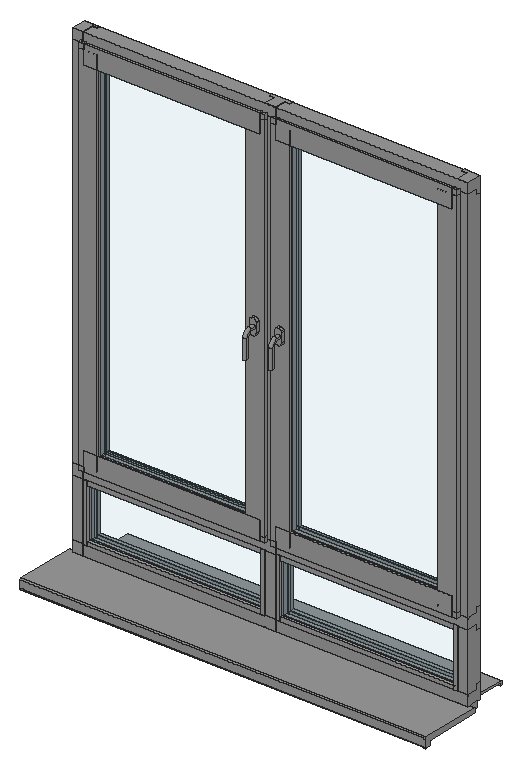
Revit family "deceuninck_okonniy_blok_dvustvorchatiy_s_nijnimi_framugami", category Окна, Revit 2016
Family settings
  Основа = Стена
  Номер OmniClass = 23.30.20.00
  Заголовок OmniClass = Windows
  Всегда вертикально = Да
  При загрузке вырезать с полостями = Нет
  Общий = Нет
  Точка расчета площади = Нет
Parameters (values of type "Энвин ЭКО-60")
  Ширина профиля = 60 mm
  Ширина проема [instance] = ADSK_Ширина рамы + Монтажный зазор.Левый + Монтажный зазор.Правый  # 1640 mm
  Шир прав створка [instance] = if(Одинаковые створки, ADSK_Ширина рамы / 2, Створка правая.Ширина)  # 800 mm
  Четверть.Ширина [instance] = 65 mm
  Четверть.Правая [instance] = if(and(Четверть правая.Видимость, Четверть), Четверть.Ширина, 0 mm)  # 65 mm
  Четверть.Левая [instance] = if(and(Четверть левая.Видимость, Четверть), Четверть.Ширина, 0 mm)  # 65 mm
  Четверть.Глубина [instance] = 120 mm
  Четверть.Высота [instance] = 65 mm
  Четверть правая.Видимость [instance] = yes
  Четверть левая.Видимость [instance] = yes
  Четверть.Врхняя [instance] = if(Четверть, Четверть.Высота, 0 mm)  # 65 mm
  Четверть [instance] = yes
  Цвет профиля = ""
  Фрамуга нижняя.Высота [instance] = ADSK_Высота рамы - Высота створки  # 300 mm
  Формула стеклопакета = ""
  Толщина стеклопакета = "32"
  Стеклопакет.Толщина = 32 mm
  Створка правая.Ширина [instance] = 800 mm
  Створка правая [instance] = stvorka : Поворотная право
  Створка левая.Ширина [instance] = ADSK_Ширина рамы - Шир прав створка  # 800 mm
  Створка левая [instance] = stvorka : Поворотная лево
  Система фурнитуры [instance] = ""
  Расчетное значение ветровой нагрузки [instance] = 400
  Рама.Окно.Ширина [instance] = 1600 mm
  Рама.Окно.Высота [instance] = 1900 mm
  Профильная система = "Энвин ЭКО 60"
  Проем.Окно.Ширина [instance] = 1640 mm
  Проем.Окно.Высота [instance] = 1955 mm
  Приточный клапан [instance] = no
  Watermarked By = ""
  Rough Width = 0 mm  # constant formula
  Rough Height = 0 mm  # constant formula
  Подоконник.Глубина [instance] = 0 mm
  Подоконник. Видимость [instance] = yes
  Подоконник [instance] = podokonnik : ПВХ 250
  Площаль элемента [instance] = ADSK_Ширина рамы * ADSK_Высота рамы / 1000000 mm  # 3.04 mm
  Отлив.Свес [instance] = 35 mm
  Отлив.Видимость [instance] = yes
  Откосы.Глубина [instance] = 310 mm
  Одинаковые створки [instance] = no
  Огнестойкость = "Е-15"
  Наименование = "Окно 2-створчатое с нижними фрамугами Энвин ЭКО-60"
  Монтажный зазор.Спереди [instance] = 10 mm
  Монтажный зазор.Правый [instance] = if(Четверть правая.Видимость, Монтажный зазор.Боковой, 0 mm)  # 20 mm
  Монтажный зазор.Низ [instance] = 10 mm
  Монтажный зазор.Левый [instance] = if(Четверть левая.Видимость, Монтажный зазор.Боковой, 0 mm)  # 20 mm
  Монтажный зазор.Верх [instance] = 20 mm
  Монтажный зазор.Боковой = 20 mm
  Материал-Стеклопакет = none
  Материал-Рама = none
  Материал-Подоконник = ПВХ, белый
  Материал-Отлив = Лист оцинкованый, белый
  Класс профиля = "Тип В"
  Завод-изготовитель [instance] = "ООО Декёнинк Рус, Россия"  # constant formula
  ГОСТ = "ГОСТ 30673-2013"
  Высота створки [instance] = 1600 mm
  Высота профиля створки = 76 mm
  Высота профиля рамы = 62 mm
  Высота профиля имоста = 82 mm
  Высота проема [instance] = ADSK_Высота рамы + 25 mm + Монтажный зазор.Верх + Монтажный зазор.Низ  # 1955 mm
  Height = 0 mm  # constant formula
  Высота подоконника по умолчанию = 800 mm
  Замыкание стены = По основе
  Width = 0 mm  # constant formula
  Артикул створки/армирование рстворки = "ZE 60D  /  AR1"
  Артикул рамы/армирование рамы = "LE 60D  /  AR1"
  Артикул импоста/армирование импоста = "TE 60D  /  20 x 35"
  Аналитическая конструкция = "<Нет>"
  λ краевой зоны стеклопакета = 0.0600 (m²·K)/W
  Rстеклопакета = 0.7600 (m²·K)/W
  Rпрофиля = 0.6800 (m²·K)/W
  Rпривед [instance] = 1 / (((Ширина профиля / 1000 mm) * (5.4 - 4 * (Ширина профиля / 1000 mm)) / (1.8 * Rпрофиля / Rед)) + ((1.2 - 2 * (Ширина профиля / 1000 mm)) * (1.5 - 2 * (Ширина профиля / 1000 mm)) / (1.8 * Rстеклопакета / Rед)) + (5.4 - 8 * (Ширина профиля / 1000 mm)) * (λ краевой зоны стеклопакета / Rед))  # 0.61064
  Rед = 1.0000 (m²·K)/W
  Iфактич [instance] = ""
  Iтреб [instance] = (((Расчетное значение ветровой нагрузки / 1000000) * ((ADSK_Высота рамы / 10) ^ 4) * (Шир прав створка / 20)) / (1 mm * 1920 mm * 210000 mm * (ADSK_Высота рамы / 3000)) * (25 - (40 * ((Шир прав створка / 20) / ADSK_Высота рамы) ^ 2) + (16 * ((Шир прав створка / 20) / ADSK_Высота рамы) ^ 4))) + (((Расчетное значение ветровой нагрузки / 1000000) * ((ADSK_Высота рамы / 10) ^ 4) * (Створка левая.Ширина / 20)) / (1 mm * 1920 mm * 210000 mm * (ADSK_Высота рамы / 3000)) * (25 - (40 * ((Створка левая.Ширина / 20) / ADSK_Высота рамы) ^ 2) + (16 * ((Створка левая.Ширина / 20) / ADSK_Высота рамы) ^ 4)))  # 4.08 mm
  ADSK_Ширина рамы [instance] = 1600 mm
  ADSK_Позиция [instance] = ""
  ADSK_Высота рамы [instance] = 1900 mm
Reference planes
  plane 1 "По центру (Вперед/Назад)": y = 0
  plane 2 "По центру (Влево/Вправо)": x = 0
  plane 3 "Подоконник": z = 800
  plane 4 "Наружный": y = 250
  plane 5 "Внутренние": y = -250
  plane 6: x = -820
  plane 7: x = 820
  plane 8: x = -755
  plane 9: x = 755
  plane 10: y = 130
  plane 11: z = 2700
  plane 12: x = -800
  plane 13: x = 800
  plane 14: z = 775
  plane 15: z = 2720
  plane 16: z = 765
  plane 17: z = 2655
  plane 18: y = 120
  plane 19: y = 60
  plane 20: x = -738
  plane 21: x = 738
  plane 22: z = 2638
  plane 23: z = 862
  plane 24: x = 0
  plane 25: x = -41
  plane 26: x = 41
  plane 27: y = 107
  plane 28: y = 70
  plane 29: y = 450
  plane 30: z = 1100
Forms (mm)
  Extrusion 1, void
    sketch origin (0, -250, 0) x (1, 0, 0) y (0, 0, 1)
      loop
        line (-820, 2720) -> (-820, 765) -> (820, 765) -> (820, 2720) -> (-820, 2720)
    from 0 to -380
  Extrusion 2, void
    sketch origin (-2200.521, 130, 1000) x (1, 0, 0) y (0, 0, 1)
      loop
        line (1445.521, 1655) -> (1445.521, -235) -> (2955.521, -235) -> (2955.521, 1655) -> (1445.521, 1655)
    from 0 to -320
  Extrusion 3, solid, material <- "Материал-Рама", detail levels fine
    sketch origin (0, 0, 800) x (0, -1, 0) y (-1, 0, 0)
      loop
        line (-120, 800) -> (-120, 738) -> (-107, 738) -> (-107, 758) -> (-60, 758) -> (-60, 800) -> (-120, 800)
      loop
        line (-120, -738) -> (-120, -800) -> (-60, -800) -> (-60, -758) -> (-107, -758) -> (-107, -738) -> (-120, -738)
    from 0 to -1900
  Extrusion 4, solid, material <- "Материал-Рама", detail levels fine
    sketch origin (-750, 0, 0) x (0, -1, 0) y (0, 0, 1)
      loop
        line (-60, 800) -> (-60, 842) -> (-107, 842) -> (-107, 862) -> (-120, 862) -> (-120, 800) -> (-60, 800)
      loop
        line (-60, 2658) -> (-60, 2700) -> (-120, 2700) -> (-120, 2638) -> (-107, 2638) -> (-107, 2658) -> (-60, 2658)
    from 50 to -1550
  Extrusion 5, solid, material <- "Материал-Рама", detail levels fine
    sketch origin (0, 0, 800) x (0, -1, 0) y (-1, 0, 0)
      loop
        line (-120, 41) -> (-120, -41) -> (-107, -41) -> (-107, -21) -> (-60, -21) -> (-60, 21) -> (-107, 21) -> (-107, 41) -> (-120, 41)
    from 0 to -1900
  Extrusion 6, solid, material <- "Материал-Рама"
    sketch origin (-233.865, 107, 2257) x (0, 0, 1) y (-1, 0, 0)
      loop
        line (-1457, 566.135) -> (-1482, 566.135) -> (-1482, -1033.865) -> (-1457, -1033.865) -> (-1457, 566.135)
    from 0 to 37
  Extrusion 7, solid, material "Лист оцинкованый, белый" <- "Материал-Отлив", visible <- "Отлив.Видимость", detail levels fine
    sketch origin (755, 531.754, 1000) x (0, 1, 0) y (0, 0, 1)
      loop
        line (-424.754, -225) -> (-251.754, -225) -> (-251.754, -235) -> (-246.754, -235) -> (-246.754, -220) -> (-424.754, -215) -> (-424.754, -225)
    from 0 to -1510
  Extrusion 8, solid, detail levels medium
    sketch origin (0, 0, 800) x (0, -1, 0) y (-1, 0, 0)
      loop
        line (-120, 800) -> (-120, 738) -> (-60, 738) -> (-60, 800) -> (-120, 800)
      loop
        line (-120, -800) -> (-60, -800) -> (-60, -738) -> (-120, -738) -> (-120, -800)
    from 0 to -1900
  Extrusion 9, solid, detail levels medium
    sketch origin (-750, 0, 0) x (0, -1, 0) y (0, 0, 1)
      loop
        line (-120, 2700) -> (-120, 2638) -> (-60, 2638) -> (-60, 2700) -> (-120, 2700)
      loop
        line (-60, 800) -> (-60, 862) -> (-120, 862) -> (-120, 800) -> (-60, 800)
    from -1550 to 50
  Extrusion 10, solid, detail levels coarse
    sketch origin (0, 0, 800) x (0, -1, 0) y (-1, 0, 0)
      loop
        line (-120, 800) -> (-120, 689) -> (-47, 689) -> (-47, 800) -> (-120, 800)
      loop
        line (-120, -800) -> (-47, -800) -> (-47, -689) -> (-120, -689) -> (-120, -800)
      loop
        line (-47, 90) -> (-120, 90) -> (-120, -90) -> (-47, -90) -> (-47, 90)
    from 0 to -1900
  Extrusion 11, solid, detail levels coarse
    sketch origin (-750, 0, 0) x (0, -1, 0) y (0, 0, 1)
      loop
        line (-120, 2590) -> (-47, 2590) -> (-47, 2700) -> (-120, 2700) -> (-120, 2590)
      loop
        line (-47, 800) -> (-47, 910) -> (-120, 910) -> (-120, 800) -> (-47, 800)
      loop
        line (-120, 1011) -> (-47, 1011) -> (-47, 1190) -> (-120, 1190) -> (-120, 1011)
    from -1550 to 50
  Extrusion 12, solid, detail levels medium
    sketch origin (0, 0, 800) x (0, -1, 0) y (-1, 0, 0)
      loop
        line (-120, 21) -> (-120, -21) -> (-60, -21) -> (-60, 21) -> (-120, 21)
    from 0 to -1900
  Extrusion 13, solid, detail levels fine
    sketch origin (-750, 0, 0) x (0, -1, 0) y (0, 0, 1)
      loop
        line (-60, 1079) -> (-60, 1121) -> (-107, 1121) -> (-107, 1141) -> (-120, 1141) -> (-120, 1059) -> (-107, 1059) -> (-107, 1079) -> (-60, 1079)
    from -1550 to 50
  Extrusion 14, solid, detail levels medium
    sketch origin (-750, 0, 0) x (0, -1, 0) y (0, 0, 1)
      loop
        line (-60, 1121) -> (-120, 1121) -> (-120, 1079) -> (-60, 1079) -> (-60, 1121)
    from -1550 to 50
Lines and regions (mm)
  symbolic lines, style "Windows"
    curve 1: line (-800, 130, 0) -> (800, 130, 0)
Text (mm)
  text "Наружный" at (0, 923.751, 2943.296), in view "Справа"
  text "Наружный" at (0, 1040.484, 2685.409), in view "Слева"
Dimensions and locks
  "Высота подоконника по умолчанию": plane 3 "Подоконник" to level
  locked: plane 4 "Наружный" to host wall at 0
  locked: plane 5 "Внутренние" to host wall
  "Четверть.Глубина": plane 10 to plane 4 "Наружный"
  "ADSK_Высота рамы": plane 11 to plane 3 "Подоконник"
  "Монтажный зазор.Верх": plane 15 to plane 11
  locked: plane 3 "Подоконник" to plane 14 at 25
  "Монтажный зазор.Низ": plane 14 to plane 16
  "Четверть.Врхняя": plane 15 to plane 17
  equal spacing: plane 13, plane 2 "По центру (Влево/Вправо)", plane 12
  "ADSK_Ширина рамы": plane 13 to plane 12
  "Четверть.Левая": plane 8 to plane 6
  "Четверть.Правая": plane 7 to plane 9
  "Монтажный зазор.Левый": plane 12 to plane 6
  "Монтажный зазор.Правый": plane 13 to plane 7
  "Монтажный зазор.Спереди": plane 10 to plane 18
  "Ширина профиля": plane 18 to plane 19
  "Высота профиля рамы": plane 12 to plane 20
  locked: Extrusion 3 sketch curve to Extrusion 3 sketch curve at 13  (x2)
  locked: Extrusion 3 sketch curve to Extrusion 3 sketch curve at 20  (x2)
  "Высота профиля рамы": plane 21 to plane 13
  "Высота профиля рамы": plane 11 to plane 22
  "Высота профиля рамы": plane 3 "Подоконник" to plane 23
  locked: Extrusion 4 sketch curve to Extrusion 4 sketch curve at 13  (x2)
  locked: Extrusion 4 sketch curve to Extrusion 4 sketch curve at 20  (x2)
  "Шир прав створка": plane 13 to plane 24
  equal spacing: plane 25, plane 24, plane 26
  "Высота профиля имоста": plane 25 to plane 26
  locked: Extrusion 5 sketch curve to plane 26 at 20
  locked: plane 25 to Extrusion 5 sketch curve at 20
  locked: plane 18 to plane 27 at 13
  locked: plane 28 to plane 19 at 10
  locked: Extrusion 7 sketch curve to Extrusion 7 sketch curve at 5  (x2)
  locked: Extrusion 7 sketch curve to Extrusion 7 sketch curve at 10
  "Отлив.Свес": Extrusion 7 to plane 4 "Наружный"
  locked: plane 4 "Наружный" to plane 29 at 200
  "Откосы.Глубина": plane 19 to plane 5 "Внутренние"
  locked: Extrusion 13 sketch curve to Extrusion 13 sketch curve at 20  (x2)
  "Высота профиля имоста": Extrusion 13 sketch curve to Extrusion 13 sketch curve
  equal spacing: Extrusion 13 sketch curve, plane 30, Extrusion 13 sketch curve
  "Высота створки": plane 11 to plane 30
  "Проем.Окно.Высота": plane 15 to plane 16
  "Рама.Окно.Высота": plane 11 to plane 3 "Подоконник"
  "Проем.Окно.Ширина": plane 7 to plane 6
  "Рама.Окно.Ширина": plane 12 to plane 13
  aligned and locked: Extrusion 1 sketch curve to plane 15
  aligned and locked: Extrusion 1 sketch curve to plane 6
  aligned and locked: Extrusion 1 sketch curve to plane 7
  aligned and locked: Extrusion 1 sketch curve to plane 16
  aligned and locked: plane 10 to Extrusion 1
  aligned and locked: Extrusion 2 sketch curve to plane 17
  aligned and locked: Extrusion 2 sketch curve to plane 8
  aligned and locked: Extrusion 2 sketch curve to plane 9
  aligned and locked: Extrusion 2 sketch curve to plane 16
  aligned and locked: Extrusion 3 sketch curve to plane 18
  aligned and locked: Extrusion 3 sketch curve to plane 19
  aligned and locked: Extrusion 3 sketch curve to plane 20
  aligned and locked: Extrusion 3 sketch curve to plane 12
  aligned and locked: plane 18 to Extrusion 3 sketch curve
  aligned and locked: plane 19 to Extrusion 3 sketch curve
  aligned and locked: Extrusion 3 sketch curve to plane 13
  aligned and locked: Extrusion 3 sketch curve to plane 21
  aligned and locked: plane 11 to Extrusion 3
  aligned and locked: Extrusion 4 sketch curve to plane 19  (x2)
  aligned and locked: Extrusion 4 sketch curve to plane 18  (x2)
  aligned and locked: Extrusion 4 sketch curve to plane 23
  aligned and locked: Extrusion 4 sketch curve to plane 3 "Подоконник"
  aligned and locked: Extrusion 4 sketch curve to plane 22
  aligned and locked: Extrusion 4 sketch curve to plane 11
  aligned and locked: Extrusion 4 to plane 13
  aligned and locked: Extrusion 4 to plane 12
  aligned and locked: Extrusion 5 sketch curve to plane 18
  aligned and locked: Extrusion 5 sketch curve to plane 19
  aligned and locked: plane 11 to Extrusion 5
  aligned and locked: Extrusion 6 sketch curve to plane 12
  aligned and locked: Extrusion 6 sketch curve to plane 3 "Подоконник"
  aligned and locked: Extrusion 6 sketch curve to plane 14
  aligned and locked: plane 13 to Extrusion 6 sketch curve
  aligned and locked: plane 28 to Extrusion 6
  aligned and locked: nested 1 to plane 3 "Подоконник"
  aligned and locked: plane 28 to nested 1
  aligned and locked: nested 1 to plane 2 "По центру (Влево/Вправо)"
  aligned and locked: plane 14 to Extrusion 7 sketch curve
  aligned and locked: Extrusion 7 to plane 8
  aligned and locked: plane 27 to Extrusion 7 sketch curve
  aligned and locked: plane 29 to Extrusion 2
  aligned and locked: curve 1 to plane 10
  aligned and locked: plane 11 to Extrusion 8
  aligned and locked: Extrusion 9 sketch curve to plane 11
  aligned and locked: Extrusion 9 sketch curve to plane 22
  aligned and locked: Extrusion 9 sketch curve to plane 19  (x2)
  aligned and locked: Extrusion 9 sketch curve to plane 18  (x2)
  aligned and locked: Extrusion 9 sketch curve to plane 3 "Подоконник"
  aligned and locked: Extrusion 9 sketch curve to plane 23
  aligned and locked: Extrusion 9 to plane 13
  aligned and locked: Extrusion 8 sketch curve to plane 20
  aligned and locked: Extrusion 8 sketch curve to plane 19  (x2)
  aligned and locked: Extrusion 8 sketch curve to plane 12
  aligned and locked: plane 13 to Extrusion 8 sketch curve
  aligned and locked: plane 21 to Extrusion 8 sketch curve
  aligned and locked: Extrusion 10 sketch curve to plane 12
  aligned and locked: Extrusion 10 sketch curve to plane 18  (x2)
  aligned and locked: plane 13 to Extrusion 10 sketch curve
  aligned and locked: plane 11 to Extrusion 10
  aligned and locked: plane 18 to Extrusion 10 sketch curve
  aligned and locked: Extrusion 11 sketch curve to plane 18  (x2)
  aligned and locked: Extrusion 10 to Extrusion 11 sketch curve  (x2)
  aligned and locked: Extrusion 11 sketch curve to plane 11
  aligned and locked: Extrusion 11 sketch curve to plane 3 "Подоконник"
  aligned and locked: Extrusion 11 to plane 13
  aligned and locked: Extrusion 8 sketch curve to plane 18  (x2)
  aligned and locked: Extrusion 12 sketch curve to Extrusion 5  (x3)
  aligned and locked: Extrusion 10 to Extrusion 12 sketch curve
  aligned and locked: plane 11 to Extrusion 12
  aligned and locked: Extrusion 11 to plane 12
  aligned and locked: Extrusion 9 to plane 12
  aligned and locked: Extrusion 13 to plane 13
  aligned and locked: Extrusion 13 to plane 12
  aligned and locked: Extrusion 14 to plane 12
  aligned and locked: Extrusion 14 to plane 13
  aligned and locked: nested 2 to Extrusion 4
  aligned and locked: plane 27 to nested 2
  aligned and locked: nested 2 to Extrusion 13
  aligned and locked: nested 2 to Extrusion 11 sketch curve
  aligned and locked: Extrusion 11 sketch curve to nested 2
  aligned and locked: Extrusion 14 sketch curve to Extrusion 13  (x3)
  aligned and locked: Extrusion 13 to Extrusion 14 sketch curve
  aligned and locked: Extrusion 3 to nested 2
  aligned and locked: nested 2 to Extrusion 12
  aligned and locked: nested 3 to Extrusion 13
  aligned and locked: nested 3 to Extrusion 4
  aligned and locked: plane 27 to nested 3
  aligned and locked: nested 3 to Extrusion 3
  aligned and locked: Extrusion 12 to nested 3
  aligned and locked: nested 4 to Extrusion 13
  aligned and locked: plane 27 to nested 4
  aligned and locked: nested 4 to Extrusion 3
  aligned and locked: Extrusion 12 to nested 4
  aligned and locked: nested 5 to Extrusion 13
  aligned and locked: plane 27 to nested 5
  aligned and locked: Extrusion 3 to nested 5
  aligned and locked: nested 5 to Extrusion 12
  aligned and locked: nested 4 to Extrusion 4
  aligned and locked: nested 5 to Extrusion 4
  aligned and locked: Extrusion 11 sketch curve to nested 5
Automatic sketch dimensions
  host wall to Extrusion 7 sketch curve = 30 mm
  Extrusion 7 sketch curve to Extrusion 7 sketch curve = 10 mm
  Extrusion 5 sketch curve to plane 26 = 0 mm
  plane 27 to Extrusion 5 sketch curve = 0 mm  (x2)
  Extrusion 5 sketch curve to plane 25 = 0 mm
  curve 1 to plane 12 = 0 mm
  curve 1 to plane 13 = 0 mm
  Extrusion 11 sketch curve to plane 19 = 13 mm  (x2)
  Extrusion 10 sketch curve to plane 19 = 13 mm  (x3)
  plane 20 to Extrusion 10 sketch curve = 49 mm
  Extrusion 10 sketch curve to plane 25 = 49 mm
  plane 30 to Extrusion 11 sketch curve = 90 mm
  plane 26 to Extrusion 10 sketch curve = 49 mm
  plane 21 to Extrusion 10 sketch curve = 49 mm
  Extrusion 13 sketch curve to plane 18 = 0 mm
  Extrusion 13 sketch curve to plane 27 = 0 mm  (x2)
  Extrusion 13 sketch curve to plane 19 = 0 mm
  Extrusion 13 sketch curve to plane 30 = 41 mm
Nested families
  nested 1: "podokonnik" at (0, 70, 800), Материал-Подоконник <- "Материал-Подоконник", Длина подоконника <- "Ширина проема", type <- "Подоконник", visible <- "Подоконник. Видимость", type "ПВХ 250", detail levels fine
    with Материал-Подоконник ПВХ, белый, Длина подоконника 1640 mm
  nested 2: "stvorka" at (-389.5, 107, 842), Профиль.Ширина <- "Ширина профиля", Стеклопакет.Толщина <- "Стеклопакет.Толщина", Профиль.Высота <- "Высота профиля створки", type "Глухая"
    with Стеклопакет.Толщина 32 mm, Створка.Ширина 737 mm, Створка.Высота 237 mm, Ручка.Расстояние от низа створки 118.5 mm, Профиль.Ширина 60 mm, Профиль.Высота 76 mm, Материал.Профиль none
  nested 3: "stvorka" at (389.5, 107, 842), Профиль.Ширина <- "Ширина профиля", Стеклопакет.Толщина <- "Стеклопакет.Толщина", Профиль.Высота <- "Высота профиля створки", type "Глухая"
    with Стеклопакет.Толщина 32 mm, Створка.Ширина 737 mm, Створка.Высота 237 mm, Ручка.Расстояние от низа створки 118.5 mm, Профиль.Ширина 60 mm, Профиль.Высота 76 mm, Материал.Профиль none
  nested 4: "stvorka" at (389.5, 107, 1121), Профиль.Ширина <- "Ширина профиля", Стеклопакет.Толщина <- "Стеклопакет.Толщина", type <- "Створка правая", Профиль.Высота <- "Высота профиля створки", type "Поворотная право"
    with Стеклопакет.Толщина 32 mm, Створка.Ширина 737 mm, Створка.Высота 1537 mm, Ручка.Расстояние от низа створки 768.5 mm, Профиль.Ширина 60 mm, Профиль.Высота 76 mm, Материал.Профиль none
  nested 5: "stvorka" at (-389.5, 107, 1121), Профиль.Ширина <- "Ширина профиля", Стеклопакет.Толщина <- "Стеклопакет.Толщина", type <- "Створка левая", Профиль.Высота <- "Высота профиля створки", type "Поворотная лево"
    with Стеклопакет.Толщина 32 mm, Створка.Ширина 737 mm, Створка.Высота 1537 mm, Ручка.Расстояние от низа створки 768.5 mm, Профиль.Ширина 60 mm, Профиль.Высота 76 mm, Материал.Профиль none
Definition of nested family "podokonnik"
  Parameters (values of type "ПВХ 150")
    Материал-Подоконник [instance] = none
    Длина подоконника [instance] = 1500 mm
    Глубина подоконника = 150 mm
    Watermarked By = ""
    Type Comments = "﻿﻿                                               ﻿                     ﻿    ﻿ ​                         ﻿           ﻿    ​​          ​​﻿           ​​   ​        ​     ﻿    ﻿﻿"
    Keynote = "﻿﻿                                               ﻿                     ﻿    ﻿ ​                         ﻿           ﻿    ​​          ​​﻿           ​​   ​        ​     ﻿    ﻿﻿"
    Description = "﻿﻿                                               ﻿                     ﻿    ﻿ ​                         ﻿           ﻿    ​​          ​​﻿           ​​   ​        ​     ﻿    ﻿﻿"
    Assembly Code = "﻿﻿                                               ﻿                     ﻿    ﻿ ​                         ﻿           ﻿    ​​          ​​﻿           ​​   ​        ​     ﻿    ﻿﻿"
  Types (13, lengths in mm): name | Глубина подоконника
    ПВХ 100 | 100
    ПВХ 150 | 150
    ПВХ 200 | 200
    ПВХ 250 | 250
    ПВХ 300 | 300
    ПВХ 350 | 350
    ПВХ 400 | 400
    ПВХ 450 | 450
    ПВХ 500 | 500
    ПВХ 550 | 550
    ПВХ 600 | 600
    ПВХ 650 | 650
    ПВХ 700 | 700
  Reference planes
    plane 1 "По центру (Вперед/Назад)": y = 0
    plane 2: z = 0
    plane 3 "По центру (Влево/Вправо)": x = 0
    plane 4: y = -150
    plane 5: x = 750
    plane 6: x = -750
  Forms (mm)
    Extrusion 1, solid, material <- "Материал-Подоконник"
      sketch origin (0, 0, 0) x (0, 1, 0) y (0, 0, 1)
        loop
          line (0, 0) -> (-146, 0)
          arc (-146, 0) -> (-148.828, -1.172) -> (-150, -4) r 4
          line (-150, -4) -> (-150, -36)
          arc (-150, -36) -> (-148.828, -38.828) -> (-146, -40) r 4
          line (-146, -40) -> (-130, -40) -> (-130, -20) -> (0, -20) -> (0, 0)
      from -750 to 750
  Dimensions and locks
    "Глубина подоконника": plane 1 "По центру (Вперед/Назад)" to plane 4
    equal spacing: plane 6, plane 3 "По центру (Влево/Вправо)", plane 5
    "Длина подоконника": plane 6 to plane 5
    aligned and locked: level to plane 2
    aligned and locked: plane 2 to Extrusion 1 sketch curve
    aligned and locked: plane 4 to Extrusion 1 sketch curve  (x2)
    aligned and locked: plane 5 to Extrusion 1
    aligned and locked: Extrusion 1 to plane 6
  Automatic sketch dimensions
    Extrusion 1 sketch curve to plane 1 "По центру (Вперед/Назад)" = 0 mm
    Extrusion 1 sketch curve to level = 20 mm
    Extrusion 1 sketch curve to level = 4 mm
    Extrusion 1 sketch curve to Extrusion 1 sketch curve = 16 mm  (x2)
    Extrusion 1 sketch curve to Extrusion 1 sketch curve = 4 mm
Definition of nested family "stvorka"
  Parameters (values of type "Поворотно-откидная лево")
    Стеклопакет.Толщина [instance] = 32 mm
    Створка.Ширина [instance] = 700 mm
    Створка.Открытие = not(Створка.Глухая)  # yes
    Створка.Высота [instance] = 1400 mm
    Ручка.Расстояние от низа створки [instance] = Створка.Высота / 2  # 700 mm
    Ручка справа = yes
    Ручка снизу = no
    Ручка слева = no
    Ручка сверху. = no
    Профиль.Ширина [instance] = 58 mm
    Профиль.Высота [instance] = 77 mm
    Открывание правое = no
    Открывание низ = no
    Открывание левое = yes
    Открывание верх = yes
    Створка.Глухая = no
    Материал.Стеклопакет = none
    Материал.Профиль [instance] = none
    Watermarked By = ""
    Type Comments = "﻿﻿                                               ﻿                     ﻿    ﻿ ​                         ﻿           ﻿    ​​          ​​﻿           ​​   ​        ​     ﻿    ﻿﻿"
    Keynote = "﻿﻿                                               ﻿                     ﻿    ﻿ ​                         ﻿           ﻿    ​​          ​​﻿           ​​   ​        ​     ﻿    ﻿﻿"
    Description = "﻿﻿                                               ﻿                     ﻿    ﻿ ​                         ﻿           ﻿    ​​          ​​﻿           ​​   ​        ​     ﻿    ﻿﻿"
    Assembly Code = "﻿﻿                                               ﻿                     ﻿    ﻿ ​                         ﻿           ﻿    ​​          ​​﻿           ​​   ​        ​     ﻿    ﻿﻿"
    Analytic Construction = "<Нет>"
  Types (5, lengths in mm): name | Створка.Ширина | Створка.Открытие | Створка.Высота | Ручка.Расстояние от низа створки | Ручка справа | Ручка слева | Открывание правое | Открывание левое | Открывание верх | Створка.Глухая
    Глухая | 600 | no | 1500 | 750 | no | no | no | no | no | yes
    Поворотная право | 600 | yes | 1500 | 750 | no | yes | yes | no | no | no
    Поворотная лево | 600 | yes | 1500 | 750 | yes | no | no | yes | no | no
    Поворотно-откидная право | 600 | yes | 1500 | 750 | no | yes | yes | no | yes | no
    Поворотно-откидная лево | 700 | yes | 1400 | 700 | yes | no | no | yes | yes | no
  Reference planes
    plane 1 "По центру (Вперед/Назад)": y = 0
    plane 2: z = 0
    plane 3 "По центру (Влево/Вправо)": x = 0
    plane 4: x = -338
    plane 5: x = 338
    plane 6: y = -58
    plane 7: z = 1400
    plane 8: y = -16
    plane 9: y = -48
    plane 10: y = -51
    plane 11: x = -350
    plane 12: x = 350
    plane 13: z = 12
    plane 14: z = -8
    plane 15: z = 1408
    plane 16: z = 1388
    plane 17: z = 700
    plane 18: x = -358
    plane 19: x = -281
    plane 20: x = 358
    plane 21: x = 281
    plane 22: z = 1331
    plane 23: z = 69
    plane 24: z = 700
  Forms (mm)
    Extrusion 1, solid, material <- "Материал.Профиль", visible <- "Створка.Открытие", detail levels fine
      sketch origin (0, 0, 0) x (1, 0, 0) y (0, 1, 0)
        loop
          line (-338, 0) -> (-338, -45) -> (-358, -45) -> (-358, -58) -> (-281, -58) -> (-281, -51) -> (-301, -51) -> (-301, -13) -> (-281, -13) -> (-284, 0) -> (-338, 0)
        loop
          line (338, 0) -> (284, 0) -> (281, -13) -> (301, -13) -> (301, -51) -> (281, -51) -> (281, -58) -> (358, -58) -> (358, -45) -> (338, -45) -> (338, 0)
      from 12 to 1388
    Extrusion 2, solid, visible <- "Створка.Открытие", detail levels fine
      sketch origin (0, 0, 0) x (1, 0, 0) y (0, 1, 0)
        loop
          line (-301, -13) -> (-301, -51) -> (-281, -51) -> (-281, -48) -> (-291, -48) -> (-291, -16) -> (-281, -16) -> (-281, -13) -> (-301, -13)
        loop
          line (301, -13) -> (281, -13) -> (281, -16) -> (291, -16) -> (291, -48) -> (281, -48) -> (281, -51) -> (301, -51) -> (301, -13)
      from 49 to 1351
    Extrusion 3, solid, material <- "Материал.Профиль", visible <- "Створка.Открытие", detail levels fine
      sketch origin (0, 0, 12) x (0, 1, 0) y (0, 0, 1)
        loop
          line (-58, 57) -> (-58, -20) -> (-45, -20) -> (-45, 0) -> (0, 0) -> (0, 54) -> (-13, 57) -> (-13, 37) -> (-51, 37) -> (-51, 57) -> (-58, 57)
        loop
          line (-58, 1319) -> (-51, 1319) -> (-51, 1339) -> (-13, 1339) -> (-13, 1319) -> (0, 1322) -> (0, 1376) -> (-45, 1376) -> (-45, 1396) -> (-58, 1396) -> (-58, 1319)
      from -338 to 338
    Extrusion 4, solid, visible <- "Створка.Открытие", detail levels fine
      sketch origin (0, 0, 0) x (0, 1, 0) y (0, 0, 1)
        loop
          line (-16, 69) -> (-16, 59) -> (-48, 59) -> (-48, 69) -> (-51, 69) -> (-51, 49) -> (-13, 49) -> (-13, 69) -> (-16, 69)
        loop
          line (-51, 1351) -> (-51, 1331) -> (-48, 1331) -> (-48, 1341) -> (-16, 1341) -> (-16, 1331) -> (-13, 1331) -> (-13, 1351) -> (-51, 1351)
      from -301 to 301
    Extrusion 5, solid, material <- "Материал.Профиль", visible <- "Створка.Открытие", detail levels fine
      sketch origin (-963, -48, 1200) x (-1, 0, 0) y (0, 0, 1)
        loop
          line (-605, 208) -> (-625, 208) -> (-625, 188) -> (-605, 188) -> (-605, 208)
        loop
          line (-1301, 208) -> (-1321, 208) -> (-1321, 188) -> (-1301, 188) -> (-1301, 208)
        loop
          line (-625, -1188) -> (-625, -1208) -> (-605, -1208) -> (-605, -1188) -> (-625, -1188)
        loop
          line (-1321, -1188) -> (-1321, -1208) -> (-1301, -1208) -> (-1301, -1188) -> (-1321, -1188)
      from 3 to -10
    Extrusion 6, solid, material <- "Материал.Стеклопакет", visible <- "Створка.Открытие"
      sketch origin (0, -16, 59) x (0, -1, 0) y (1, 0, 0)
        loop
          line (0, 291) -> (0, -291) -> (32, -291) -> (32, 291) -> (0, 291)
      from 0 to 1282
    Extrusion 7, solid, material <- "Материал.Профиль", visible <- "Створка.Открытие", detail levels medium
      sketch origin (0, 0, 0) x (1, 0, 0) y (0, 1, 0)
        loop
          line (-281, 0) -> (-358, 0) -> (-358, -58) -> (-281, -58) -> (-281, 0)
        loop
          line (358, 0) -> (281, 0) -> (281, -58) -> (358, -58) -> (358, 0)
      from 12 to 1388
    Extrusion 8, solid, material <- "Материал.Профиль", visible <- "Створка.Открытие", detail levels medium
      sketch origin (0, 0, 0) x (0, 1, 0) y (0, 0, 1)
        loop
          line (0, 1408) -> (-58, 1408) -> (-58, 1331) -> (0, 1331) -> (0, 1408)
        loop
          line (0, 69) -> (-58, 69) -> (-58, -8) -> (0, -8) -> (0, 69)
      from -358 to 358
    Extrusion 9, solid, material <- "Материал.Профиль", visible <- "Створка.Глухая", detail levels fine
      sketch origin (0, 0, 0) x (0, 1, 0) y (0, 0, 1)
        loop
          line (-45, 1400) -> (-45, 1383) -> (-38, 1380) -> (-38, 1400) -> (-45, 1400)
        loop
          line (-45, 0) -> (-38, 0) -> (-38, 20) -> (-45, 17) -> (-45, 0)
      from -350 to 350
    Extrusion 10, solid, visible <- "Створка.Глухая", detail levels fine
      sketch origin (0, 0, 0) x (0, 1, 0) y (0, 0, 1)
        loop
          line (0, 1400) -> (-38, 1400) -> (-38, 1380) -> (-35, 1380) -> (-35, 1390) -> (-3, 1390) -> (-3, 1380) -> (0, 1380) -> (0, 1400)
        loop
          line (0, 0) -> (0, 20) -> (-3, 20) -> (-3, 10) -> (-35, 10) -> (-35, 20) -> (-38, 20) -> (-38, 0) -> (0, 0)
      from -350 to 350
    Extrusion 11, solid, visible <- "Створка.Глухая", detail levels fine
      sketch origin (0, 0, 0) x (1, 0, 0) y (0, 1, 0)
        loop
          line (-350, 0) -> (-350, -38) -> (-330, -38) -> (-330, -35) -> (-340, -35) -> (-340, -3) -> (-330, -3) -> (-330, 0) -> (-350, 0)
        loop
          line (350, 0) -> (330, 0) -> (330, -3) -> (340, -3) -> (340, -35) -> (330, -35) -> (330, -38) -> (350, -38) -> (350, 0)
      from 0 to 1400
    Extrusion 12, solid, material <- "Материал.Профиль", visible <- "Створка.Глухая", detail levels fine
      sketch origin (0, 0, 0) x (1, 0, 0) y (0, 1, 0)
        loop
          line (-350, -38) -> (-350, -45) -> (-333, -45) -> (-330, -38) -> (-350, -38)
        loop
          line (350, -38) -> (330, -38) -> (333, -45) -> (350, -45) -> (350, -38)
      from 0 to 1400
    Extrusion 13, solid, material <- "Материал.Стеклопакет", visible <- "Створка.Глухая"
      sketch origin (0, 0, 0) x (1, 0, 0) y (0, 1, 0)
        loop
          line (-340, -3) -> (-340, -35) -> (340, -35) -> (340, -3) -> (-340, -3)
      from 10 to 1390
    Extrusion 14, solid, material <- "Материал.Профиль", visible <- "Створка.Глухая", detail levels medium
      sketch origin (0, 0, 0) x (1, 0, 0) y (0, 1, 0)
        loop
          line (-330, 0) -> (-350, 0) -> (-350, -45) -> (-330, -45) -> (-330, 0)
        loop
          line (350, 0) -> (330, 0) -> (330, -45) -> (350, -45) -> (350, 0)
      from 0 to 1400
    Extrusion 15, solid, material <- "Материал.Профиль", visible <- "Створка.Глухая", detail levels medium
      sketch origin (-350, 682.027, 1200) x (0, 1, 0) y (0, 0, 1)
        loop
          line (-682.027, 180) -> (-682.027, 200) -> (-727.027, 200) -> (-727.027, 180) -> (-682.027, 180)
        loop
          line (-682.027, -1200) -> (-682.027, -1180) -> (-727.027, -1180) -> (-727.027, -1200) -> (-682.027, -1200)
      from 0 to 700
  Lines and regions (mm)
    symbolic lines, visible <- "Открывание правое"
      curve 1: line (281, 0, 1331) -> (-281, 0, 700)
      curve 2: line (-281, 0, 700) -> (281, 0, 69)
    symbolic lines, visible <- "Открывание левое"
      curve 3: line (-281, 0, 1331) -> (281, 0, 700)
      curve 4: line (281, 0, 700) -> (-281, 0, 69)
    symbolic lines, visible <- "Открывание верх"
      curve 5: line (-281, 0, 69) -> (0, 0, 1331)
      curve 6: line (0, 0, 1331) -> (281, 0, 69)
    symbolic lines, visible <- "Открывание низ"
      curve 7: line (-281, 0, 1331) -> (0, 0, 69)
      curve 8: line (0, 0, 69) -> (281, 0, 1331)
    symbolic lines, visible <- "Створка.Глухая"
      curve 9: line (0, 0, 650) -> (0, 0, 750)
      curve 10: line (-50, 0, 700) -> (50, 0, 700)
  Dimensions and locks
    locked: Extrusion 1 sketch curve to Extrusion 1 sketch curve at 13  (x2)
    "Профиль.Ширина": plane 1 "По центру (Вперед/Назад)" to plane 6
    "Стеклопакет.Толщина": plane 8 to plane 9
    locked: plane 8 to plane 1 "По центру (Вперед/Назад)" at 16
    locked: Extrusion 1 to Extrusion 2 sketch curve at 10
    locked: Extrusion 2 sketch curve to Extrusion 1 at 10
    locked: plane 9 to plane 10 at 3
    locked: Extrusion 3 sketch curve to Extrusion 3 sketch curve at 13  (x2)
    locked: Extrusion 4 sketch curve to Extrusion 3 at 10  (x2)
    "Створка.Высота": plane 7 to plane 2
    locked: plane 4 to plane 11 at 12
    locked: plane 12 to plane 5 at 12
    equal spacing: plane 12, plane 3 "По центру (Влево/Вправо)", plane 11
    "Створка.Ширина": plane 12 to plane 11
    locked: plane 15 to plane 7 at 8
    locked: plane 7 to plane 16 at 12
    locked: plane 2 to plane 14 at 8
    locked: plane 13 to plane 2 at 12
    "Профиль.Высота": plane 18 to plane 19
    "Профиль.Высота": plane 21 to plane 20
    locked: plane 21 to Extrusion 2 at 20
    "Профиль.Высота": plane 22 to plane 15
    locked: plane 11 to plane 18 at 8
    locked: plane 20 to plane 12 at 8
    locked: Extrusion 2 to plane 19 at 20
    "Профиль.Высота": plane 23 to plane 14
    "Ручка.Расстояние от низа створки": plane 17 to plane 2
    locked: nested 3 to plane 13 at 18.5
    locked: nested 4 to plane 16 at 18.5
    locked: nested 1 to plane 4 at 18.5
    locked: plane 5 to nested 2 at 18.5
    equal spacing: plane 7, plane 24, plane 2
    locked: Extrusion 10 sketch curve to Extrusion 10 sketch curve at 20  (x2)
    locked: plane 1 "По центру (Вперед/Назад)" to Extrusion 10 sketch curve at 3  (x2)
    "Стеклопакет.Толщина": Extrusion 10 sketch curve to Extrusion 10 sketch curve  (x2)
    locked: plane 11 to Extrusion 11 sketch curve at 10
    locked: Extrusion 11 sketch curve to Extrusion 11 sketch curve at 3  (x2)
    locked: Extrusion 11 sketch curve to plane 1 "По центру (Вперед/Назад)" at 3
    "Стеклопакет.Толщина": Extrusion 11 sketch curve to Extrusion 11 sketch curve  (x2)
    locked: Extrusion 11 sketch curve to plane 12 at 10
    locked: Extrusion 1 to Extrusion 11 sketch curve at 3
    locked: Extrusion 14 to Extrusion 15 sketch curve at 20  (x2)
    locked: Extrusion 11 to Extrusion 14 sketch curve at 20
    locked: Extrusion 14 sketch curve to Extrusion 14 sketch curve at 20
    curve 9 to plane 24 to curve 9 = 50 mm locked, 50 mm locked
    curve 10 to plane 3 "По центру (Влево/Вправо)" to curve 10 = 50 mm locked, 50 mm locked
    locked: Extrusion 7 to Extrusion 1 sketch curve at 13  (x2)
    locked: Extrusion 3 sketch curve to Extrusion 8 at 13  (x2)
    locked: Extrusion 4 to plane 23 at 20
    locked: Extrusion 4 to plane 22 at 20
    locked: Extrusion 14 to Extrusion 13 at 10
    locked: Extrusion 10 sketch curve to Extrusion 13 at 10
    aligned and locked: level to plane 2
    aligned and locked: Extrusion 1 sketch curve to plane 4
    aligned and locked: plane 6 to Extrusion 1 sketch curve
    aligned and locked: plane 1 "По центру (Вперед/Назад)" to Extrusion 1 sketch curve
    aligned and locked: plane 10 to Extrusion 1 sketch curve
    aligned and locked: Extrusion 2 sketch curve to Extrusion 1  (x9)
    aligned and locked: Extrusion 2 sketch curve to plane 9
    aligned and locked: Extrusion 2 sketch curve to plane 8
    aligned and locked: Extrusion 1 sketch curve to plane 5
    aligned and locked: Extrusion 1 sketch curve to plane 6
    aligned and locked: Extrusion 1 sketch curve to plane 1 "По центру (Вперед/Назад)"
    aligned and locked: Extrusion 1 to Extrusion 2 sketch curve
    aligned and locked: plane 6 to Extrusion 3 sketch curve
    aligned and locked: plane 1 "По центру (Вперед/Назад)" to Extrusion 3 sketch curve
    aligned and locked: plane 10 to Extrusion 3 sketch curve
    aligned and locked: plane 13 to Extrusion 3
    aligned and locked: plane 8 to Extrusion 4 sketch curve  (x2)
    aligned and locked: plane 9 to Extrusion 4 sketch curve
    aligned and locked: Extrusion 4 sketch curve to Extrusion 3  (x8)
    aligned and locked: Extrusion 3 to Extrusion 4 sketch curve  (x2)
    aligned and locked: plane 5 to Extrusion 3
    aligned and locked: plane 14 to Extrusion 3
    aligned and locked: Extrusion 3 to plane 4
    aligned and locked: Extrusion 4 to Extrusion 1  (x2)
    aligned and locked: Extrusion 2 to Extrusion 4
    aligned and locked: Extrusion 3 sketch curve to plane 6
    aligned and locked: Extrusion 3 sketch curve to plane 1 "По центру (Вперед/Назад)"
    aligned and locked: plane 15 to Extrusion 3 sketch curve
    aligned and locked: Extrusion 2 to Extrusion 4 sketch curve
    aligned and locked: Extrusion 1 to Extrusion 3  (x2)
    aligned and locked: Extrusion 5 sketch curve to plane 15
    aligned and locked: Extrusion 5 sketch curve to plane 16
    aligned and locked: Extrusion 5 sketch curve to plane 4
    aligned and locked: Extrusion 5 to plane 6
    aligned and locked: Extrusion 2 to Extrusion 3
    aligned and locked: plane 5 to Extrusion 5 sketch curve  (x2)
    aligned and locked: plane 16 to Extrusion 5 sketch curve
    aligned and locked: plane 15 to Extrusion 5 sketch curve
    aligned and locked: plane 18 to Extrusion 1 sketch curve
    aligned and locked: Extrusion 1 sketch curve to plane 19
    aligned and locked: plane 21 to Extrusion 1 sketch curve
    aligned and locked: Extrusion 1 sketch curve to plane 20
    aligned and locked: Extrusion 3 sketch curve to plane 14
    aligned and locked: plane 13 to Extrusion 3 sketch curve
    aligned and locked: Extrusion 3 sketch curve to plane 23
    aligned and locked: plane 22 to Extrusion 3 sketch curve
    aligned and locked: Extrusion 3 sketch curve to plane 16
    aligned and locked: Extrusion 6 sketch curve to plane 8
    aligned and locked: Extrusion 6 sketch curve to plane 9
    aligned and locked: Extrusion 6 sketch curve to Extrusion 2  (x2)
    aligned and locked: Extrusion 6 to Extrusion 4
    aligned and locked: plane 4 to Extrusion 5 sketch curve
    aligned and locked: plane 18 to Extrusion 5 sketch curve
    aligned and locked: plane 13 to Extrusion 5 sketch curve  (x2)
    aligned and locked: plane 14 to Extrusion 5 sketch curve  (x2)
    aligned and locked: Extrusion 5 sketch curve to plane 20
    aligned and locked: Extrusion 7 sketch curve to plane 1 "По центру (Вперед/Назад)"  (x2)
    aligned and locked: Extrusion 7 sketch curve to plane 6  (x2)
    aligned and locked: Extrusion 7 sketch curve to plane 18
    aligned and locked: Extrusion 7 sketch curve to plane 19
    aligned and locked: plane 20 to Extrusion 7 sketch curve
    aligned and locked: plane 21 to Extrusion 7 sketch curve
    aligned and locked: Extrusion 7 to Extrusion 1
    aligned and locked: Extrusion 1 to plane 16
    aligned and locked: Extrusion 7 to Extrusion 3
    aligned and locked: plane 1 "По центру (Вперед/Назад)" to Extrusion 8 sketch curve  (x2)
    aligned and locked: plane 6 to Extrusion 8 sketch curve  (x2)
    aligned and locked: plane 15 to Extrusion 8 sketch curve
    aligned and locked: plane 22 to Extrusion 8 sketch curve
    aligned and locked: Extrusion 8 sketch curve to plane 23
    aligned and locked: plane 14 to Extrusion 8 sketch curve
    aligned and locked: Extrusion 8 to Extrusion 1  (x2)
    aligned and locked: plane 3 "По центру (Влево/Вправо)" to nested 3
    aligned and locked: plane 3 "По центру (Влево/Вправо)" to nested 4
    aligned and locked: nested 1 to plane 17
    aligned and locked: nested 2 to plane 17
    aligned and locked: Extrusion 9 sketch curve to plane 7
    aligned and locked: Extrusion 10 sketch curve to plane 7
    aligned and locked: plane 1 "По центру (Вперед/Назад)" to Extrusion 10 sketch curve
    aligned and locked: Extrusion 10 sketch curve to Extrusion 10 sketch curve  (x2)
    aligned and locked: Extrusion 10 sketch curve to plane 1 "По центру (Вперед/Назад)"
    aligned and locked: Extrusion 9 sketch curve to plane 2
    aligned and locked: Extrusion 9 sketch curve to Extrusion 10
    aligned and locked: Extrusion 9 to plane 11
    aligned and locked: Extrusion 10 to plane 11
    aligned and locked: plane 12 to Extrusion 10
    aligned and locked: plane 12 to Extrusion 9
    aligned and locked: Extrusion 11 sketch curve to plane 11
    aligned and locked: Extrusion 11 sketch curve to plane 12
    aligned and locked: plane 1 "По центру (Вперед/Назад)" to Extrusion 11 sketch curve
    aligned and locked: Extrusion 12 sketch curve to Extrusion 11
    aligned and locked: Extrusion 12 sketch curve to plane 11
    aligned and locked: Extrusion 12 sketch curve to Extrusion 9  (x2)
    aligned and locked: Extrusion 10 to Extrusion 12 sketch curve
    aligned and locked: Extrusion 12 sketch curve to plane 12
    aligned and locked: plane 7 to Extrusion 12
    aligned and locked: plane 7 to Extrusion 11
    aligned and locked: Extrusion 13 sketch curve to Extrusion 11  (x4)
    aligned and locked: Extrusion 13 to Extrusion 10  (x2)
    aligned and locked: Extrusion 14 sketch curve to plane 1 "По центру (Вперед/Назад)"  (x2)
    aligned and locked: Extrusion 14 sketch curve to plane 11
    aligned and locked: Extrusion 14 sketch curve to plane 12
    aligned and locked: plane 7 to Extrusion 14
    aligned and locked: Extrusion 15 sketch curve to Extrusion 10
    aligned and locked: plane 7 to Extrusion 15 sketch curve
    aligned and locked: plane 2 to Extrusion 15 sketch curve
    aligned and locked: plane 1 "По центру (Вперед/Назад)" to Extrusion 15 sketch curve
    aligned and locked: curve 10 to plane 24
    aligned and locked: Extrusion 14 sketch curve to Extrusion 12  (x2)
    aligned and locked: Extrusion 5 to Extrusion 1
    aligned and locked: plane 12 to Extrusion 15
    aligned and locked: Extrusion 9 to Extrusion 1  (x2)
    aligned and locked: Extrusion 15 sketch curve to Extrusion 1  (x2)
  Automatic sketch dimensions
    curve 4 to plane 19 = 0 mm
    curve 1 to plane 17 = 0 mm
    curve 1 to plane 19 = 0 mm
    curve 3 to plane 19 = 0 mm
    curve 6 to plane 3 "По центру (Влево/Вправо)" = 0 mm
    curve 9 to plane 3 "По центру (Влево/Вправо)" = 0 mm
    curve 8 to plane 3 "По центру (Влево/Вправо)" = 0 mm
    plane 21 to curve 8 = 0 mm
    curve 4 to plane 17 = 0 mm
    plane 21 to curve 4 = 0 mm
    plane 21 to curve 2 = 0 mm
    curve 7 to plane 23 = 0 mm
    curve 5 to plane 23 = 0 mm
    curve 2 to plane 23 = 0 mm
    curve 8 to plane 22 = 0 mm
    curve 3 to plane 22 = 0 mm
    curve 6 to plane 22 = 0 mm
    Extrusion 1 sketch curve to plane 19 = 0 mm
    Extrusion 1 sketch curve to plane 21 = 0 mm
    plane 10 to Extrusion 1 sketch curve = 0 mm
    Extrusion 1 sketch curve to Extrusion 1 sketch curve = 20 mm  (x2)
    Extrusion 1 sketch curve to plane 19 = 3 mm
    Extrusion 1 sketch curve to plane 21 = 3 mm
    Extrusion 2 sketch curve to plane 9 = 0 mm
    plane 8 to Extrusion 2 sketch curve = 0 mm
    Extrusion 3 sketch curve to plane 10 = 0 mm
    Extrusion 3 sketch curve to plane 23 = 0 mm
    plane 22 to Extrusion 3 sketch curve = 0 mm
    Extrusion 3 sketch curve to plane 23 = 3 mm
    Extrusion 3 sketch curve to plane 22 = 3 mm
    plane 20 to Extrusion 5 sketch curve = 0 mm
    Extrusion 5 sketch curve to plane 18 = 0 mm
    plane 9 to Extrusion 9 sketch curve = 10 mm
    plane 13 to Extrusion 9 sketch curve = 5 mm
    plane 13 to Extrusion 9 sketch curve = 8 mm
    plane 16 to Extrusion 9 sketch curve = 8 mm
    plane 16 to Extrusion 9 sketch curve = 5 mm
    plane 4 to Extrusion 12 sketch curve = 5 mm
    plane 4 to Extrusion 12 sketch curve = 8 mm
    Extrusion 12 sketch curve to plane 5 = 8 mm
    Extrusion 12 sketch curve to plane 5 = 5 mm
    plane 9 to Extrusion 9 sketch curve = 3 mm  (x2)
    Extrusion 3 sketch curve to plane 22 = 20 mm
    Extrusion 3 sketch curve to plane 23 = 20 mm
    plane 9 to Extrusion 10 sketch curve = 10 mm
    Extrusion 10 sketch curve to Extrusion 10 sketch curve = 3 mm
    Extrusion 10 sketch curve to plane 13 = 2 mm
    Extrusion 10 sketch curve to plane 16 = 2 mm
    plane 1 "По центру (Вперед/Назад)" to Extrusion 11 sketch curve = 0 mm
    plane 4 to Extrusion 11 sketch curve = 8 mm  (x2)
    Extrusion 11 sketch curve to plane 5 = 8 mm  (x2)
  Nested families
    nested 1: "ruchka" at (-319.5, -58, 700) x (1, 0, 0) z (0, -1, 0), visible <- "Ручка слева", type "ruchka", detail levels fine
    nested 2: "ruchka" at (319.5, -58, 700) x (1, 0, 0) z (0, -1, 0), visible <- "Ручка справа", Маериал.Ручка <- "Материал.Профиль", type "ruchka", detail levels fine
    nested 3: "ruchka" at (0, -58, 30.5) x (0, 0, 1) z (0, -1, 0), visible <- "Ручка снизу", Маериал.Ручка <- "Материал.Профиль", type "ruchka", detail levels fine
    nested 4: "ruchka" at (0, -58, 1369.5) x (0, 0, 1) z (0, -1, 0), visible <- "Ручка сверху.", Маериал.Ручка <- "Материал.Профиль", type "ruchka", detail levels fine
  Definition of nested family "ruchka"
    Parameters (values of type "ruchka")
      Watermarked By = ""
      Type Comments = "﻿﻿            ﻿           ﻿             ﻿     ﻿  ​    ﻿         ﻿      ​   ﻿​    ﻿           ﻿  ﻿       ​﻿          ​           ﻿   ﻿  ​                               ​    ﻿﻿"
      Keynote = "﻿﻿            ﻿           ﻿             ﻿     ﻿  ​    ﻿         ﻿      ​   ﻿​    ﻿           ﻿  ﻿       ​﻿          ​           ﻿   ﻿  ​                               ​    ﻿﻿"
      Description = "﻿﻿            ﻿           ﻿             ﻿     ﻿  ​    ﻿         ﻿      ​   ﻿​    ﻿           ﻿  ﻿       ​﻿          ​           ﻿   ﻿  ​                               ​    ﻿﻿"
      Default Elevation = 1219.2 mm
      Маериал.Ручка [instance] = none
      Assembly Code = "﻿﻿            ﻿           ﻿             ﻿     ﻿  ​    ﻿         ﻿      ​   ﻿​    ﻿           ﻿  ﻿       ​﻿          ​           ﻿   ﻿  ​                               ​    ﻿﻿"
      Analytic Construction = "<Нет>"
    Reference planes
      plane 1 "По центру (Вперед/Назад)": y = 0
      plane 2: z = 0
      plane 3 "По центру (Влево/Вправо)": x = 0
    Forms (mm)
      Extrusion 1, solid
        sketch origin (0, 0, 0) x (1, 0, 0) y (0, 1, 0)
          loop
            line (-1219.2, 1219.2) -> (-1219.2, -1219.2) -> (1219.2, -1219.2) -> (1219.2, 1219.2) -> (-1219.2, 1219.2)
        from 0 to -304.8
      Extrusion 2, solid, material <- "Маериал.Ручка"
        sketch origin (-1, 0, 0) x (0, -1, 0) y (1, 0, 0)
          loop
            arc (-18, 15) -> (-32, 1) -> (-18, -13) r 14
            line (-18, -13) -> (18, -13)
            arc (18, -13) -> (32, 1) -> (18, 15) r 14
            line (18, 15) -> (-18, 15)
        from 0 to 10
      Sweep 3, solid, material <- "Маериал.Ручка"
        path origin (0, 0, 0) x (0, -1, 0) y (0, 0, 1)
          loop
            line (0, 10) -> (0, 30)
            arc (0, 30) -> (7.903, 42.097) -> (20, 50) r 35.203
            line (20, 50) -> (100, 50)
        profile origin (0, 0, 20) x (0, 1, 0) y (-1, 0, 0)
          loop
            line (0, 7) -> (-7, 7) -> (-7, -7) -> (0, -7)
            arc (0, -7) -> (7, 0) -> (0, 7) r 7
    Dimensions and locks
      aligned and locked: plane 2 to Extrusion 1
      aligned and locked: level to Extrusion 1
